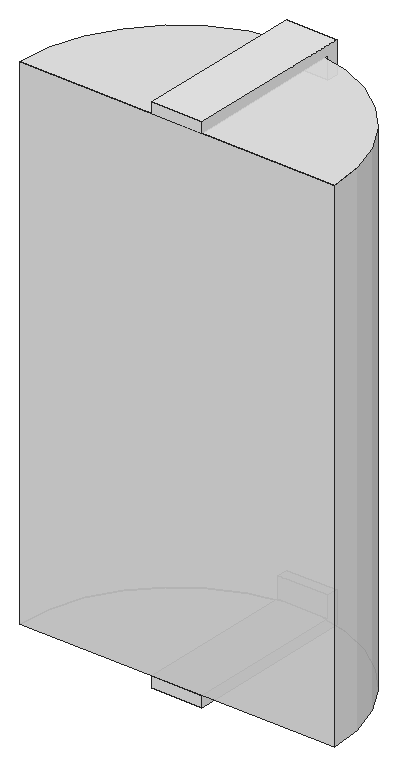
Revit family "3-563-xxx Siren Wall Sconce", category Lighting Fixtures, host Wall, Revit 2018
Family settings
  Host = Wall
  Round Connector Dimension = Use Diameter
  Part Type = Normal
  OmniClass Number = 23.80.70.00
  OmniClass Title = Lighting
  Always vertical = Yes
  Cut with Voids When Loaded = No
  Light Source = Yes
  Shared = No
  Room Calculation Point = No
Parameters (values of type "3-563-214 / Polished Chrome - Matte White Acrylic")
  Wattage Comments = "1 x 10.1 W at 120 V"  # constant formula
  Wattage = 9.2903 W
  built-in parameter 1150110 = 1 (stored number, unit not read)
  Voltage Input = "120 V or 277 V - 50/60 Hz"  # constant formula
  Voltage = 120 V
  URL = "www.oxygenlighting.com"
  built-in parameter 1114217 = 1 (stored number, unit not read)
  built-in parameter 1150109 = 1 (stored number, unit not read)
  built-in parameter 1150134 = (empty or 0)
  built-in parameter 1150113 = 1 (stored number, unit not read)
  References = "Ref. 3 = 120 V / Ref. 37 = 277 V"  # constant formula
  Model = "3-563-xxx / Siren Wall Sconce"  # constant formula
  Metal Finish = 14 - Polished Chrome
  Manufacturer = "Oxygen Lighting and Fans"  # constant formula
  Main Diffuser = Matte White Acrylic
  Lumens = 1380 lm
  built-in parameter 1150115 = 1 (stored number, unit not read)
  built-in parameter 1150105 = 109.82 (stored number, unit not read)
  Light Source Symbol Size = 24.00"
  built-in parameter 1150137 = (empty or 0)
  built-in parameter 1150139 = (empty or 0)
  built-in parameter 1150112 = 1 (stored number, unit not read)
  built-in parameter 1150114 = 1 (stored number, unit not read)
  Lamp = "LED Array"  # constant formula
  built-in parameter 1150132 = 2
  built-in parameter 1150102 = (empty or 0)
  built-in parameter 1150138 = (empty or 0)
  built-in parameter 1150107 = 3000 (stored number, unit not read)
  built-in parameter 1150106 = 1.0982 (stored number, unit not read)
  built-in parameter 1150104 = 13.8 (stored number, unit not read)
  Dimming Lamp Color Temperature Shift = <None>
  Color Filter = 16777215
  built-in parameter 1114218 = 1 (stored number, unit not read)
  built-in parameter 1150133 = 10 (stored number, unit not read)
Types (4): name | Metal Finish | Main Diffuser
  3-563-114 / Polished Chrome - White Opal Glass | 14 - Polished Chrome | White Opal Glass
  3-563-224 / Satin Nickel - Matte White Acrylic | 24 - Satin Nickel | Matte White Acrylic
  3-563-124 / Satin Nickel - White Opal Glass | 24 - Satin Nickel | White Opal Glass
  3-563-214 / Polished Chrome - Matte White Acrylic | 14 - Polished Chrome | Matte White Acrylic
Reference planes (in)
  plane 1: y = 0
  plane 2 "Light Source Axis (L/R)": x = 4.92126
  plane 3 "Light Source Axis (F/R)": y = 4.33071
  plane 4 "Light Source Elevation": z = 37.34388
  plane 5: y = 2.95276
  plane 6: z = 43.34388
Text (in)
  text "Placement side" at (-70.3598, 43.96769, 0), in view "Ref. Level"
  text "Placement side" at (0, 83.08644, 117.56134), in view "Left"
  text "Placement side" at (0, 24.74324, 118.58137), in view "Right"
Dimensions and locks (in)
  locked: plane 3 "Light Source Axis (F/R)" to plane 5 at 1.37795
  locked: plane 4 "Light Source Elevation" to plane 6 at 6
  aligned and locked: plane 1 to host wall
  aligned and locked: plane 2 "Light Source Axis (L/R)" to imposter light
  aligned and locked: plane 3 "Light Source Axis (F/R)" to imposter light
  aligned and locked: plane 4 "Light Source Elevation" to imposter light
  aligned and locked: plane 5 to host wall
  aligned and locked: nested 1 to plane 2 "Light Source Axis (L/R)"
  aligned and locked: plane 5 to nested 1
  aligned and locked: nested 1 to plane 6
Nested families (in)
  nested 1: "Family1" at (4.92126, 2.95276, 37.34388) x (-1, 0, 0) z (0, 0, 1), type "Family1"
Connectors (in)
  electrical at (4.92694, 2.95276, 37.34388), driven by "Voltage"
    settings: on nested 1, index 1, voltage 120 V, apparent load 0 VA, apparent load phase1 0 VA, apparent load phase2 0 VA, apparent load phase3 0 VA, power factor 1, load classification "Other", number of poles 1, system type 31, power factor state 1, is connector primary yes, connector utility no, sub classification motor no, connector description ""
Definition of nested family "Family1"
  Parameters (values of type "Family1")
    Metal Finish = none
    Main Diffuser = none
  Reference planes (in)
    plane 1 "Center (Front/Back)": y = 0
    plane 2: z = 0
    plane 3 "Center (Left/Right)": x = 0
  Forms (in)
    Extrusion 1, solid, material <- "Main Diffuser"
      sketch origin (0, 0, 0) x (1, 0, 0) y (0, 1, 0)
        loop
          arc (-3.75568, 0) -> (-0.00568, -3.75) -> (3.74432, 0) r 3.75
          line (3.74432, 0) -> (-3.75568, 0)
      from -6 to 6
    Extrusion 2, solid, material <- "Metal Finish"
      sketch origin (0, 0, 0) x (1, 0, 0) y (0, 0, 1)
        loop
          line (-0.5928, 6.25) -> (-0.5928, 5.5) -> (0.5928, 5.5) -> (0.5928, 6.25) -> (-0.5928, 6.25)
        loop
          line (-0.5928, -5.5) -> (-0.5928, -6.25) -> (0.5928, -6.25) -> (0.5928, -5.5) -> (-0.5928, -5.5)
      from 3.74881 to 4
    Extrusion 3, solid, material <- "Metal Finish"
      sketch origin (0, 0, 0) x (0, 1, 0) y (0, 0, 1)
        loop
          line (-3.75, 6) -> (0, 6) -> (0, 6.25) -> (-3.75, 6.25) -> (-3.75, 6)
        loop
          line (-3.75, -6.25) -> (0, -6.25) -> (0, -6) -> (-3.75, -6) -> (-3.75, -6.25)
      from -0.5928 to 0.5928
  Cuts and joins
    joined: Extrusion 2, Extrusion 3
  Dimensions and locks (in)
    aligned and locked: level to plane 2
